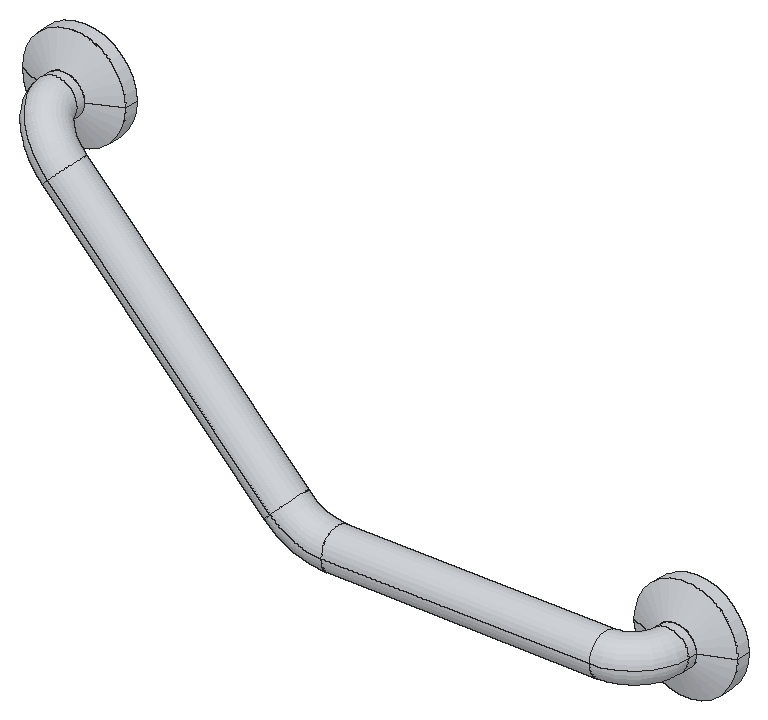
Revit family
Parameters
  Weight Limit = 330
  Warranty Duration (Years) = 0
  Unit Weight = 3.52
  Unit Length = 1' - 6 1/2"
  Unit Height = 0' - 8 7/16"
  URL = "http://www.pontegiulio.com"
  Trim Radius = 0' - 1 5/8"
  Specification = "http://www.arcat.com/sd/clients/pontegiu.html?coid=43483"
  Send Message = "http://www.arcat.com/users.pl?action=UserEmail&company=Ponte%20Giulio&coid=43483&rep=132&fax=877-766-8306&mf="
  Sales Information = "http://www.pontegiulio.it/us/info.php"
  Revision = "R1_01-2010"
  Return Radius = 0' - 2 3/16"
  Product Properties = "http://www.pgdb.it/schede/us/G40JASxx08_us.pdf"
  Product Data = "http://www.arcat.com/arcatcos/cos43/arc43483.html"
  Model = "Grab Bar as Specified in 10 28 13"
  Manufacturer's Notes = ""
  Manufacturer Website = "http://www.pontegiulio.com"
  Manufacturer Phone - Toll Free = "877-766-8301 "
  Manufacturer Fax = "877-766-8306"
  Manufacturer Address = "W241 S4021 Rockwood Circle, Waukesha, WI 53189"
  Manufacturer = "Ponte Giulio"
  Maintenance Schedule (Months) = 0
  Keynote = "10 28 13"
  Installation-Fabrication = ""
  Installation Phase = ""
  Green Building-LEED = "http://www.arcat.com/green/clients/leed_data_43483.html"
  Expected Lifespan (Years) = 0
  Drawn By = "Robert S. Weygant, CSI, CDT, SCIP"
  Diameter = 0' - 1 1/4"
  Description = "Grab Bar as Specified in 10 28 13"
  Default Elevation = 2' - 0"
  Copyright = "2010 ARCAT, Inc"
  Construction Details = ""
  Clear Space From Wall = 0' - 1 1/2"
  Building Codes = ""
  Bath Fixture Material [instance] = none
  Assembly Code = "C1030200"
  AK_Code Compliance = "ADA"
Reference planes (in)
  plane 1 "Center (Front/Back)": y = 0
  plane 2: z = 0
  plane 3 "Center (Left/Right)": x = 0
  plane 4: x = 18.5
  plane 5: y = -1.5
  plane 6 "CL2": z = 24
  plane 7 "CL1": z = 15.5625
  plane 8: through (0, -180, 24) normal (0.7071, 0, 0.7071)
  plane 9: y = -2.125
  plane 10: through (0.15126, -180, 23.84874) normal (0.7071, 0, 0.7071)
Forms (in)
  Revolve 1, solid, material <- "Bath Fixture Material"
    sketch origin (0, 0, 24) x (1, 0, 0) y (0, 1, 0)
      loop
        line (0, 0) -> (0, -0.8125) -> (0.625, -0.8125) -> (1.5625, -0.40625) -> (1.5625, 0) -> (0, 0)
      axis (0, -0.8125) -> (0, 0)
    angle from 0 to 360
  Revolve 2, solid, material <- "Bath Fixture Material"
    sketch origin (48, 0, 15.5625) x (1, 0, 0) y (0, 1, 0)
      loop
        line (-29.5, 0) -> (-29.5, -0.8125) -> (-28.875, -0.8125) -> (-27.9375, -0.40625) -> (-27.9375, 0) -> (-29.5, 0)
      axis (-29.5, -0.8125) -> (-29.5, 0)
    angle from 0 to 360
  Sweep 3, solid, material <- "Bath Fixture Material"
    path in 3D
      loop
        line (18.5, 0, 15.5625) -> (18.5, -1.09375, 15.5625)
        arc (18.5, -1.09375, 15.5625) -> (18.19795, -1.82295, 15.5625) -> (17.46875, -2.125, 15.5625) r 1.03125
        line (17.46875, -2.125, 15.5625) -> (9.34359, -2.125, 15.5625)
        arc (9.34359, -2.125, 15.5625) -> (8.50647, -2.125, 15.72901) -> (7.7968, -2.125, 16.2032) r 2.1875
        line (7.7968, -2.125, 16.2032) -> (1.09375, -2.125, 22.90625)
        spline (1.09375, -2.125, 22.90625) -> (0.95099, -2.11618, 23.04901) -> (0.81067, -2.08986, 23.18933) -> (0.67519, -2.0465, 23.32481) -> (0.54688, -1.98684, 23.45312) -> (0.42792, -1.9119, 23.57208) -> (0.32035, -1.82295, 23.67965) -> (0.22602, -1.72154, 23.77398) -> (0.14653, -1.60938, 23.85347) -> (0.08326, -1.48839, 23.91674) -> (0.03727, -1.36066, 23.96273) -> (0.00936, -1.22836, 23.99064) -> (0, -1.09375, 24)
        line (0, -1.09375, 24) -> (0, 0, 24)
    profile origin (18.5, -0.54688, 15.5625) x (1, 0, 0) y (0, 0, 1)
      loop
        circle (0, 0) r 0.625
Lines and regions (in)
  model lines
    curve 1: line (0, 0, 24) -> (0, -1.09375, 24)
    curve 2: spline (0, -1.09375, 24) -> (0.00936, -1.22836, 23.99064) -> (0.03727, -1.36066, 23.96273) -> (0.08326, -1.48839, 23.91674) -> (0.14653, -1.60938, 23.85347) -> (0.22602, -1.72154, 23.77398) -> (0.32035, -1.82295, 23.67965) -> (0.42792, -1.9119, 23.57208) -> (0.54688, -1.98684, 23.45312) -> (0.67519, -2.0465, 23.32481) -> (0.81067, -2.08986, 23.18933) -> (0.95099, -2.11618, 23.04901) -> (1.09375, -2.125, 22.90625)
    curve 3: line (1.09375, -2.125, 22.90625) -> (8.4375, -2.125, 15.5625)
    curve 4: line (9.59375, -2.125, 15.5625) -> (17.46875, -2.125, 15.5625)
    curve 5: arc (18.5, -1.09375, 15.5625) -> (18.19795, -1.82295, 15.5625) -> (17.46875, -2.125, 15.5625) r 1.03125
    curve 6: line (18.5, 0, 15.5625) -> (18.5, -1.09375, 15.5625)
    curve 13: arc (7.7968, -2.125, 16.2032) -> (8.50647, -2.125, 15.72901) -> (9.34359, -2.125, 15.5625) r 2.1875
  sketch lines
    curve 7: line (18.5, 0, 15.5625) -> (18.5, -1.09375, 15.5625)
    curve 8: arc (18.5, -1.09375, 15.5625) -> (18.19795, -1.82295, 15.5625) -> (17.46875, -2.125, 15.5625) r 1.03125
    curve 9: line (9.34359, -2.125, 15.5625) -> (17.46875, -2.125, 15.5625)
    curve 10: line (1.09375, -2.125, 22.90625) -> (7.7968, -2.125, 16.2032)
    curve 11: spline (0, -1.09375, 24) -> (0.00936, -1.22836, 23.99064) -> (0.03727, -1.36066, 23.96273) -> (0.08326, -1.48839, 23.91674) -> (0.14653, -1.60938, 23.85347) -> (0.22602, -1.72154, 23.77398) -> (0.32035, -1.82295, 23.67965) -> (0.42792, -1.9119, 23.57208) -> (0.54688, -1.98684, 23.45312) -> (0.67519, -2.0465, 23.32481) -> (0.81067, -2.08986, 23.18933) -> (0.95099, -2.11618, 23.04901) -> (1.09375, -2.125, 22.90625)
    curve 12: line (0, 0, 24) -> (0, -1.09375, 24)
    curve 14: arc (7.7968, -2.125, 16.2032) -> (8.50647, -2.125, 15.72901) -> (9.34359, -2.125, 15.5625) r 2.1875
Dimensions and locks (in)
  "Unit Length": plane 3 "Center (Left/Right)" to plane 4
  locked: Revolve 1 sketch curve to Revolve 1 sketch curve at 0.8125
  "Clear Space From Wall": plane 5 to plane 1 "Center (Front/Back)"
  locked: Revolve 2 sketch curve to Revolve 2 sketch curve at 0.8125
  "Unit Length": plane 4 to plane 3 "Center (Left/Right)"
  locked: plane 5 to plane 9 at 0.625
  "Unit Height": plane 6 "CL2" to plane 7 "CL1"
  aligned and locked: plane 1 "Center (Front/Back)" to Revolve 1 sketch curve
  aligned and locked: Revolve 1 sketch curve to plane 3 "Center (Left/Right)"
  aligned and locked: plane 6 "CL2" to Revolve 1
  aligned and locked: Revolve 2 sketch curve to plane 4
  aligned and locked: plane 1 "Center (Front/Back)" to Revolve 2 sketch curve
  aligned and locked: plane 7 "CL1" to curve 4
  aligned and locked: plane 7 "CL1" to Revolve 2
Automatic sketch dimensions
  curve 3 to plane 9 = 0' - 0"
  curve 1 to plane 1 "Center (Front/Back)" = 0' - 0"
  curve 3 to curve 2 = 0' - 10.38563"
  plane 1 "Center (Front/Back)" to curve 2 = 0' - 1 3/32"
  curve 2 to curve 2 = 0' - 1.5468"
  curve 6 to plane 1 "Center (Front/Back)" = 0' - 0"
  curve 6 to plane 4 = 0' - 0"
  curve 4 to plane 9 = 0' - 0"
  plane 1 "Center (Front/Back)" to curve 5 = 0' - 1 3/32"
  curve 4 to curve 5 = 0' - 7 7/8"
  Sweep 3 sketch curve to profile plane = 0' - 0"  (x2)
  curve 13 to plane 7 "CL1" = 0' - 0"
  curve 13 to plane 8 = 0' - 0"
  plane 3 "Center (Left/Right)" to curve 13 = 0' - 9.34359"
  curve 13 to plane 7 "CL1" = 0' - 0.6407"
  Revolve 1 sketch curve to plane 3 "Center (Left/Right)" = 0' - 0"
  plane 3 "Center (Left/Right)" to Revolve 1 sketch curve = 0' - 0 5/8"
  plane 1 "Center (Front/Back)" to Revolve 1 sketch curve = 0' - 0 13/32"
  Revolve 1 sketch curve to Revolve 1 sketch curve = 0' - 0 15/16"
  Revolve 1 sketch curve to plane 1 "Center (Front/Back)" = 2' - 0"
  Revolve 2 sketch curve to plane 4 = 0' - 0"
  Revolve 2 sketch curve to Revolve 2 sketch curve = 0' - 0 5/8"
  plane 1 "Center (Front/Back)" to Revolve 2 sketch curve = 0' - 0 13/32"
  Revolve 2 sketch curve to Revolve 2 sketch curve = 0' - 0 15/16"
  Revolve 2 sketch curve to plane 1 "Center (Front/Back)" = 2' - 0"
  Revolve 1 sketch curve to plane 9 = 8' - 4.46882"
  Revolve 2 sketch curve to plane 9 = 8' - 4.46882"
  radius of Sweep 3 sketch curve = 0' - 0 5/8"
